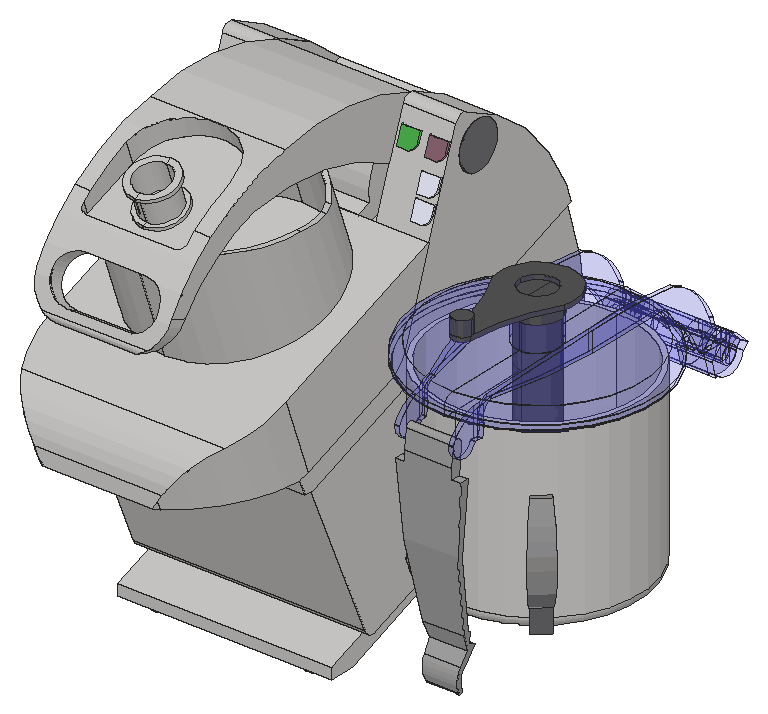
Revit family "QF_ELECTROLUXPROFESSIONAL_600486_TRK55YI", category Specialty Equipment, Revit 2018
Family settings
  Round Connector Dimension = Use Diameter
  Part Type = Normal
  Work Plane-Based = No
  Always vertical = Yes
  Cut with Voids When Loaded = No
  Shared = No
  Room Calculation Point = No
Parameters (values of type "Standard")
  Weight = 27.40 kg
  Watts = 0 W
  Volts = 200 V
  URL Manufacturer = "http://professional.electrolux.com"
  URL = "http://professional.electrolux.com"
  Steam Supply Size = 0 mm
  Steam Supply Minimum Pressure = 0.0 Pa
  Steam Supply Maximum Pressure = 0.0 Pa
  Steam Pounds per Hour = 0
  Refrigeration Suction Line Size = 0 mm
  Refrigeration Liquid Line Size = 0 mm
  Refrigerant Compressor Remote = yes
  Manufacturer = "Electrolux Professional"
  Phase = 1
  Model = "TRK55YI"
  Length Actual = 252 mm  # constant formula
  Item Number = "600486"
  Hot Water Size = 0 mm
  Height Actual = 505 mm  # constant formula
  HP = "1.7 HP"
  Gas Size = 0 mm
  Gas KW = 0
  Gas Input Pressure = 0 W
  Direct Waste Size = 0 mm
  Description = "CUTTER/SLICER 5.5L VARIAB.SPEED-1300W-200-240V/1N/50-60-CB APPROVED, SCHUKO PLUG"
  Depth Actual = 485 mm  # constant formula
  Cycle = 50 Hz
  Condensate Return Size = 0 mm
  Compressed Air Volume = 0.0 L/s
  Compressed Air Size = 0 mm
  Compressed Air Pressure = 0.0 Pa
  Cold Water Size = 0 mm
  Accessory = yes
Reference planes
  plane 1 "Center (Front/Back)": y = 0
  plane 2: z = 0
  plane 3 "Center (Left/Right)": x = 0
  plane 4 "BASE": through (-1506.947, -1354.442, -482.669) normal (0, -0.342, 0.9397)
  plane 5 "TOP": z = 725
  plane 6 "FRONT": y = -250
  plane 7 "BACK": y = 250
  plane 8 "LEFT": x = -126
  plane 9 "RIGHT": x = 126
  plane 10 "BaseSup": through (4267.2, -355.454, 143.983) normal (0, -0.342, 0.9397)
  plane 11 "TopCylinder": z = 505
  plane 12 "panel": through (4267.2, 37.396, 376.789) normal (0, -0.9397, 0.342)
  plane 13 "TAN1": through (4267.2, -242.8, 386.84) normal (0, -0.868, 0.4965)
  plane 14 "cx": x = -4.392
  plane 15: z = 490
  plane 16: z = 685
  plane 17 "EI_1": z = 320
  plane 18: z = 224
  plane 19 "SupportOblique": through (4267.2, 163.975, 96.815) normal (0, 0.809, 0.5878)
  plane 20 "CX2": x = 350
Forms (mm)
  Extrusion 1, solid, material "QF_Finishes_Stainless Steel"
    sketch origin (0, 71.755, 29.173) x (0, 0.939693, 0.34202) y (0, -0.34202, 0.939693)
      loop
        line (196.964, 40) -> (-146.726, 40) -> (-150.519, 29.578) -> (-124.204, 20) -> (196.964, 20) -> (196.964, 40)
    from -114.1 to 114.1
  Extrusion 2, solid, material "QF_Finishes_Stainless Steel"
    sketch origin (0, 71.755, 29.173) x (0, 0.939693, 0.34202) y (0, -0.34202, 0.939693)
      loop
        arc (-117.754, 231.836) -> (-115.679, 141.222) -> (-107.501, 50.953) r 1344.145
        arc (-107.501, 50.953) -> (-103.371, 43.13) -> (-95.098, 40) r 12.5
        line (-95.098, 40) -> (191.415, 40)
        arc (191.415, 40) -> (200.799, 44.052) -> (207.001, 52.177) r 20.212
        arc (207.001, 52.177) -> (236.663, 139.796) -> (245.906, 231.836) r 409.593
        line (245.906, 231.836) -> (-117.754, 231.836)
    from -123.6 to 123.2
  Extrusion 3, solid, material "QF_Finishes_Stainless Steel"
    sketch origin (0, 71.755, 29.173) x (0, 0.939693, 0.34202) y (0, -0.34202, 0.939693)
      loop
        line (-117.754, 231.836) -> (250, 231.836) -> (250, 254)
        arc (250, 254) -> (225.127, 344.7) -> (167.861, 419.303) r 244.524
        arc (167.861, 419.303) -> (160.498, 421.774) -> (153.587, 418.23) r 10
        line (153.587, 418.23) -> (25.432, 265.5)
        arc (25.432, 265.5) -> (14.376, 257.016) -> (0.77, 254) r 32.194
        line (0.77, 254) -> (-128.224, 254) -> (-128.224, 236.946) -> (-117.754, 231.836)
    from -125 to 125
  Extrusion 4, void
    sketch origin (0, 71.755, 29.173) x (0, 0.939693, 0.34202) y (0, -0.34202, 0.939693)
      loop
        line (146.605, 338.403) -> (228.145, 338.403)
        arc (228.145, 338.403) -> (202.221, 381.996) -> (167.861, 419.303) r 244.524
        arc (167.861, 419.303) -> (160.498, 421.774) -> (153.587, 418.23) r 10
        line (153.587, 418.23) -> (72.34, 321.403) -> (146.605, 321.403) -> (146.605, 338.403)
    from -76.755 to 68.071
  Extrusion 5, solid, material "QF_Finishes_Stainless Steel"
    sketch origin (0, 71.755, 29.173) x (0, 0.939693, 0.34202) y (0, -0.34202, 0.939693)
      loop
        line (86.605, 338.403) -> (69.605, 321.403) -> (146.605, 321.403) -> (146.605, 338.403) -> (138.179, 338.403) -> (138.179, 369.367)
        arc (138.179, 369.367) -> (147.784, 373.474) -> (158.149, 372.174) r 19.987
        arc (158.149, 372.174) -> (156.791, 382.001) -> (162.888, 389.826) r 12.748
        arc (162.888, 389.826) -> (123.302, 374.774) -> (101.605, 338.403) r 64.447
        line (101.605, 338.403) -> (86.605, 338.403)
    from -65 to 50
  Extrusion 6, solid, material "QF_Finishes_Stainless Steel"
    sketch origin (539, 71.755, 29.173) x (0, -0.939693, -0.34202) y (0, -0.34202, 0.939693)
      loop
        circle (-169.102, 378.696) r 12.748
    from 489 to 604
  Extrusion 7, solid, material "QF_Finishes_Rubber Black"
    sketch origin (0, 71.755, 29.173) x (0, 0.939693, 0.34202) y (0, -0.34202, 0.939693)
      loop
        circle (169.102, 378.696) r 25
    from 125 to 126.6
  Extrusion 8, solid, material "QF_Finishes_Green"
    sketch origin (-10, -113.728, -38.42) x (0, -0.34202, -0.939693) y (1, 0, 0)
      loop
        line (-529.862, 82.865) -> (-509.862, 82.865) -> (-509.862, 92.865)
        arc (-509.862, 92.865) -> (-512.791, 99.936) -> (-519.862, 102.865) r 10
        line (-519.862, 102.865) -> (-529.862, 102.865) -> (-529.862, 82.865)
    from 0 to 1.6
  Extrusion 9, solid, material "QF_Finishes_Red"
    sketch origin (20, -113.728, -38.42) x (0, -0.34202, -0.939693) y (1, 0, 0)
      loop
        line (-529.862, 82.865) -> (-509.862, 82.865) -> (-509.862, 92.865)
        arc (-509.862, 92.865) -> (-512.791, 99.936) -> (-519.862, 102.865) r 10
        line (-519.862, 102.865) -> (-529.862, 102.865) -> (-529.862, 82.865)
    from 0 to 1.6
  Extrusion 10, solid, material "QF_Finishes_Rubber Black"
    sketch origin (-20, -293.925, 99.376) x (0, -1, 0) y (1, 0, 0)
      loop
        circle (-230.144, 103.748) r 10
      loop
        circle (-230.144, -61.252) r 10
    from 9.274 to 3.787
  Extrusion 11, void
    sketch origin (-20.94, 306.731, 139.428) x (-1, 0, 0) y (0, -0.34202, 0.939693)
      loop
        circle (-20.94, 196.093) r 10
    from -1.916 to -26.433
  Extrusion 12, solid, material "QF_Finishes_Stainless Steel"
    sketch origin (-20.94, 306.678, 139.573) x (-1, 0, 0) y (0, -0.34202, 0.939693)
      loop
        circle (-20.94, 195.939) r 9.999
    from -8.514 to -26.433
  Extrusion 13, solid, material "QF_Finishes_Stainless Steel"
    sketch origin (0, -15.119, 267.855) x (0, -0.939693, -0.34202) y (1, 0, 0)
      loop
        line (-86.605, -125) -> (117.754, -125)
        arc (117.754, -125) -> (182.577, -108.838) -> (232.224, -64.135) r 138.076
        arc (232.224, -64.135) -> (246.337, -33.516) -> (250, 0) r 104.824
        arc (250, 0) -> (246.337, 33.516) -> (232.224, 64.135) r 104.824
        arc (232.224, 64.135) -> (182.577, 108.838) -> (117.754, 125) r 138.076
        line (117.754, 125) -> (-86.605, 125) -> (-86.605, -125)
    from 0 to 84.403
  Extrusion 14, void
    sketch origin (0, 71.755, 29.173) x (0, 0.939693, 0.34202) y (0, -0.34202, 0.939693)
      loop
        line (-183.149, 338.403) -> (-263.395, 338.403) -> (-263.395, 254) -> (-128.224, 254) -> (-235.716, 293.124) -> (-229.509, 307.133)
        arc (-229.509, 307.133) -> (-211.109, 329.855) -> (-183.149, 338.403) r 50
      loop
        line (86.605, 338.403) -> (25.432, 265.5)
        arc (25.432, 265.5) -> (14.376, 257.016) -> (0.77, 254) r 32.194
        line (0.77, 254) -> (86.605, 254) -> (86.605, 338.403)
    from -156.555 to 144.79
  Extrusion 15, solid, material "QF_Finishes_Rubber Black"
    sketch origin (-20, -255.757, 37.007) x (0, -0.939693, -0.34202) y (1, 0, 0)
      loop
        circle (-230.144, 103.748) r 10
      loop
        circle (-230.144, -61.252) r 10
    from -1.968 to 3.787
  Extrusion 16, solid, material "QF_Finishes_Stainless Steel"
    sketch origin (0, 0, 0) x (0, 1, 0) y (0, 0, 1)
      loop
        arc (-237.987, 360.286) -> (-193.334, 422.101) -> (-125.907, 457.716) r 167.502
        arc (-125.907, 457.716) -> (-32.614, 457.202) -> (54.785, 424.565) r 266.494
        line (54.785, 424.565) -> (73.036, 474.711)
        arc (73.036, 474.711) -> (77.269, 479.853) -> (83.792, 481.198) r 10
        arc (83.792, 481.198) -> (1.801, 503.572) -> (-83.051, 498.734) r 263.981
        arc (-83.051, 498.734) -> (-135.605, 484.534) -> (-183.511, 458.675) r 236.13
        arc (-183.511, 458.675) -> (-222.818, 420.732) -> (-248.457, 372.49) r 174.407
        arc (-248.457, 372.49) -> (-249.83, 368.135) -> (-247.05, 364.513) r 4.945
        line (-247.05, 364.513) -> (-237.987, 360.286)
    from -76.755 to 68.071
  Extrusion 17, void
    sketch origin (0, -252.846, 369.279) x (0, -0.496521, -0.868025) y (1, 0, 0)
      loop
        line (-13.723, -36.755) -> (-13.723, 28.071)
        arc (-13.723, 28.071) -> (-38.723, 53.071) -> (-63.723, 28.071) r 25
        line (-63.723, 28.071) -> (-63.723, -36.755)
        arc (-63.723, -36.755) -> (-38.723, -61.755) -> (-13.723, -36.755) r 25
    from -148.493 to 7.125
  Extrusion 18, void
    sketch origin (0, -88.076, 32.057) x (0, -0.34202, -0.939693) y (1, 0, 0)
      loop
        line (-257.162, 68.071) -> (-297.162, 68.071)
        arc (-297.162, 68.071) -> (-268.878, 56.356) -> (-257.162, 28.071) r 40
        line (-257.162, 28.071) -> (-257.162, 68.071)
      loop
        line (-257.162, -76.755) -> (-257.162, -36.755)
        arc (-257.162, -36.755) -> (-268.878, -65.039) -> (-297.162, -76.755) r 40
        line (-297.162, -76.755) -> (-257.162, -76.755)
    from 233.374 to 280.473
  Extrusion 19, void
    sketch origin (0, -73.76, 246.511) x (0, -0.939693, -0.34202) y (1, 0, 0)
      loop
        spline (50.415, 43.499) -> (50.302, 44.538) -> (50.07, 45.551) -> (49.722, 46.523) -> (49.265, 47.436) -> (48.705, 48.278) -> (48.053, 49.034) -> (47.317, 49.692) -> (46.511, 50.241) -> (45.647, 50.674) -> (44.738, 50.981) -> (43.801, 51.16) -> (42.848, 51.221)
        line (42.848, 51.221) -> (-21.826, 51.221)
        arc (-21.826, 51.221) -> (-77.476, -4.429) -> (-21.826, -60.078) r 55.65
        line (-21.826, -60.078) -> (42.849, -60.064)
        spline (42.849, -60.064) -> (43.796, -60.017) -> (44.73, -59.836) -> (45.637, -59.525) -> (46.5, -59.088) -> (47.306, -58.532) -> (48.042, -57.867) -> (48.695, -57.103) -> (49.256, -56.253) -> (49.715, -55.331) -> (50.065, -54.351) -> (50.3, -53.329) -> (50.415, -52.283)
        line (50.415, -52.283) -> (50.415, 43.499)
    from 219.928 to 259.975
  Extrusion 20, void
    sketch origin (0, -87.856, 241.381) x (0, -0.939693, -0.34202) y (1, 0, 0)
      loop
        circle (-4.976, -4.429) r 22.5
    from 184.171 to 259.975
  Extrusion 21, solid, material "QF_Finishes_Stainless Steel"
    sketch origin (0, -57.13, 252.564) x (0, -0.939693, -0.34202) y (1, 0, 0)
      loop
        circle (-27.476, -4.429) r 100
      loop
        circle (-27.476, -4.429) r 95
    from 84.403 to 219.928
  Extrusion 22, void
    sketch origin (539, 0, 0) x (0, -1, 0) y (0, 0, 1)
      loop
        line (-7.229, 448.453) -> (38.883, 431.669) -> (53.883, 431.669) -> (97.232, 435.738) -> (172.232, 435.738) -> (200.5, 434.424) -> (12.562, 502.828) -> (-7.229, 448.453)
    from 424.9 to 664
  Revolve 23, solid, material "QF_Finishes_Stainless Steel"
    sketch origin (-4.392, 0, 0) x (0, 1, 0) y (0, 0, 1)
      loop
        line (-159.523, 452.833) -> (-177.266, 446.376) -> (-188.766, 477.973) -> (-195.199, 475.631) -> (-193.959, 472.225) -> (-189.261, 473.935) -> (-179, 445.744) -> (-183.698, 444.034) -> (-182.575, 440.948) -> (-179.543, 442.052) -> (-133.191, 314.7) -> (-112.048, 322.396) -> (-159.523, 452.833)
      axis (-112.048, 322.396) -> (-171.023, 484.431)
    angle from 0 to 360
  Extrusion 24, solid, material "QF_Door-Drawer Clearances", detail levels coarse
    sketch origin (0, -262.072, 735.095) x (0, -0.581279, -0.813704) y (0, 0.813704, -0.581279)
      loop
        arc (-237.987, 360.286) -> (-193.334, 422.101) -> (-125.907, 457.716) r 167.502
        arc (-125.907, 457.716) -> (-61.925, 460.915) -> (0.971, 448.753) r 266.494
        arc (0.971, 448.753) -> (-2.208, 475.472) -> (-2.432, 502.379) r 244.524
        arc (-2.432, 502.379) -> (-31.549, 503.211) -> (-60.594, 500.999) r 278.64
        arc (-60.594, 500.999) -> (-125.023, 488.463) -> (-183.511, 458.675) r 236.13
        arc (-183.511, 458.675) -> (-222.818, 420.732) -> (-248.457, 372.49) r 174.407
        arc (-248.457, 372.49) -> (-249.83, 368.135) -> (-247.05, 364.513) r 4.945
        line (-247.05, 364.513) -> (-237.987, 360.286)
    from -76.755 to 68.071
  Extrusion 25, solid, material "QF_Door-Drawer Clearances", detail levels coarse
    sketch origin (-4.392, 0, -55) x (0, 1, 0) y (0, 0, 1)
      loop
        arc (180.062, 780.324) -> (-149.234, 694.151) -> (-249.905, 368.994) r 350.321
        line (-249.905, 368.994) -> (-246.546, 377.767)
        arc (-246.546, 377.767) -> (-144.345, 691.9) -> (174.993, 776.44) r 345.321
        line (174.993, 776.44) -> (180.062, 780.324)
    from -60 to 60
  Extrusion 26, solid, material "QF_Finishes_Rubber Black"
    sketch origin (-20, -20.834, 122.512) x (0, -0.939693, -0.34202) y (1, 0, 0)
      loop
        circle (-230.144, 103.748) r 10
      loop
        circle (-230.144, -61.252) r 10
    from -1.968 to 3.787
  Extrusion 27, void
    sketch origin (-4.392, 0, 0) x (0, 1, 0) y (0, 0, 1)
      loop
        circle (163.975, 96.815) r 5.399
    from -121.608 to 130.392
  Sweep 28, solid, material "QF_Finishes_Stainless Steel"
    path origin (0, 153.361, 111.423) x (0, -0.587785, 0.809017) y (1, 0, 0)
      loop
        line (-133.401, 56) -> (-133.401, 112.5)
        arc (-133.401, 112.5) -> (-130.472, 119.571) -> (-123.401, 122.5) r 10
        line (-123.401, 122.5) -> (-28.058, 122.5)
        arc (-28.058, 122.5) -> (-20.987, 119.571) -> (-18.058, 112.5) r 10
        line (-18.058, 112.5) -> (-18.058, -112.5)
        arc (-18.058, -112.5) -> (-20.987, -119.571) -> (-28.058, -122.5) r 10
        line (-28.058, -122.5) -> (-123.401, -122.5)
        arc (-123.401, -122.5) -> (-130.472, -119.571) -> (-133.401, -112.5) r 10
        line (-133.401, -112.5) -> (-133.401, -56)
    profile origin (84.25, 231.772, 3.5) x (0, 0.587785, -0.809017) y (0, 0.809017, 0.587785)
      loop
        circle (0, 0) r 3.5
  Extrusion 29, void
    sketch origin (-4.392, 0, 0) x (0, 1, 0) y (0, 0, 1)
      loop
        line (50.281, 42.641) -> (71.708, 50.44) -> (64.376, 57.771) -> (50.281, 52.641) -> (50.281, 42.641)
    from -119.208 to -51.608
  Extrusion 30, void
    sketch origin (4.392, 0, 0) x (0, 1, 0) y (0, 0, -1)
      loop
        line (50.281, -42.641) -> (50.281, -52.641) -> (64.376, -57.771) -> (71.708, -50.44) -> (50.281, -42.641)
    from -119.208 to -51.608
  Extrusion 31, solid, material "QF_Door-Drawer Clearances", detail levels coarse
    sketch origin (350, -160.4, -17.118) x (0, -0.34202, -0.939693) y (0, -0.939693, 0.34202)
      loop
        line (-206.754, 118.191) -> (-331.133, -223.538)
        arc (-331.133, -223.538) -> (-241.482, -246.331) -> (-149.003, -248.426) r 409.593
        arc (-149.003, -248.426) -> (-139.246, -245.378) -> (-132.229, -237.945) r 20.212
        line (-132.229, -237.945) -> (-34.236, 31.289)
        arc (-34.236, 31.289) -> (-34.347, 40.134) -> (-40.286, 46.691) r 12.5
        arc (-40.286, 46.691) -> (-122.314, 85.249) -> (-206.754, 118.191) r 1344.145
    from -123.6 to 123.2
  Extrusion 32, solid, material "QF_Door-Drawer Clearances", detail levels coarse
    sketch origin (350, -160.4, -17.118) x (0, -0.34202, -0.939693) y (0, -0.939693, 0.34202)
      loop
        line (-134.127, -243.16) -> (-115.333, -250) -> (-5.487, 51.799) -> (-5.487, 79.803) -> (-16.578, 79.803) -> (-134.127, -243.16)
    from -114.1 to 114.1
  Extrusion 33, solid, material "QF_Door-Drawer Clearances", detail levels coarse
    sketch origin (330, -388.076, 105.131) x (0, -1, 0) y (1, 0, 0)
      loop
        circle (-230.144, 103.748) r 10
      loop
        circle (-230.144, -61.252) r 10
    from -1.968 to 3.787
  Extrusion 34, solid, material "QF_Door-Drawer Clearances", detail levels coarse
    sketch origin (330, -138.076, 105.131) x (0, -1, 0) y (1, 0, 0)
      loop
        circle (-230.144, 103.748) r 10
      loop
        circle (-230.144, -61.252) r 10
    from -1.968 to 3.787
  Extrusion 35, solid, material "QF_Door-Drawer Clearances", detail levels coarse
    sketch origin (0, 250, 0) x (-1, 0, 0) y (0, 0, 1)
      loop
        circle (-350, 200) r 10
    from -89.12 to -78.665
  Extrusion 36, solid, material "QF_Finishes_White"
    sketch origin (20, -124.661, -68.457) x (0, -0.34202, -0.939693) y (1, 0, 0)
      loop
        line (-529.862, 82.865) -> (-509.862, 82.865) -> (-509.862, 92.865)
        arc (-509.862, 92.865) -> (-512.791, 99.936) -> (-519.862, 102.865) r 10
        line (-519.862, 102.865) -> (-529.862, 102.865) -> (-529.862, 82.865)
    from 0 to 1.6
  Extrusion 37, solid, material "QF_Finishes_White"
    sketch origin (20, -132.869, -91.01) x (0, -0.34202, -0.939693) y (1, 0, 0)
      loop
        line (-529.862, 82.865) -> (-509.862, 82.865) -> (-509.862, 92.865)
        arc (-509.862, 92.865) -> (-512.791, 99.936) -> (-519.862, 102.865) r 10
        line (-519.862, 102.865) -> (-529.862, 102.865) -> (-529.862, 82.865)
    from 0 to 1.6
Cuts and joins
  Extrusion 4, Extrusion 18, Extrusion 19, Extrusion 20 cuts Extrusion 3
  Extrusion 14, Extrusion 18, Extrusion 19, Extrusion 20 cuts Extrusion 13
  Extrusion 17, Extrusion 18, Extrusion 19, Extrusion 20 cuts Extrusion 16
  Extrusion 11, Extrusion 19, Extrusion 20 cuts Extrusion 2
  Extrusion 22 cuts Extrusion 21
  Extrusion 27, Extrusion 29, Extrusion 30 cuts Extrusion 1
Lines and regions (mm)
  Split face 1
    outline origin (125, 73.036, 474.711) x (-1, 0, 0) y (0, -0.34202, -0.939693)
      loop
        arc (0, 8) -> (1.464, 4.464) -> (5, 3) r 5
        line (5, 3) -> (51.929, 3)
        arc (51.929, 3) -> (55.464, 4.464) -> (56.929, 8) r 5
        line (56.929, 8) -> (56.929, 96.206)
        arc (56.929, 96.206) -> (55.464, 99.742) -> (51.929, 101.206) r 5
        line (51.929, 101.206) -> (5, 101.206)
        arc (5, 101.206) -> (1.464, 99.742) -> (0, 96.206) r 5
        line (0, 96.206) -> (0, 8)
  symbolic lines
    curve 1: line (-76.755, 170.4, 0) -> (-76.755, -235.217, 0)
    curve 2: line (68.071, -235.135, 0) -> (68.071, 170.4, 0)
    curve 3: line (-76.755, 83.792, 0) -> (68.071, 83.792, 0)
    curve 4: line (-76.755, 170.4, 0) -> (68.071, 170.4, 0)
    curve 5: line (68.071, -83.051, 0) -> (-76.755, -83.051, 0)
    curve 6: line (-60.078, -136.967, 0) -> (51.221, -136.967, 0)
    curve 7: line (-60.078, -128.47, 0) -> (-60.078, -194.06, 0)
    curve 8: line (51.221, -193.76, 0) -> (51.221, -128.47, 0)
    curve 9: spline (-52.282, -199.891, 0) -> (-53.276, -199.815, 0) -> (-54.25, -199.647, 0) -> (-55.19, -199.39, 0) -> (-56.081, -199.046, 0) -> (-56.909, -198.622, 0) -> (-57.663, -198.124, 0) -> (-58.331, -197.559, 0) -> (-58.902, -196.936, 0) -> (-59.369, -196.264, 0) -> (-59.724, -195.553, 0) -> (-59.961, -194.815, 0) -> (-60.078, -194.06, 0)
    curve 10: line (43.499, -199.901, 0) -> (-52.283, -199.901, 0)
    curve 11: spline (51.218, -193.76, 0) -> (51.156, -194.554, 0) -> (50.964, -195.333, 0) -> (50.645, -196.085, 0) -> (50.204, -196.798, 0) -> (49.648, -197.459, 0) -> (48.986, -198.058, 0) -> (48.229, -198.586, 0) -> (47.39, -199.033, 0) -> (46.483, -199.392, 0) -> (45.521, -199.658, 0) -> (44.521, -199.826, 0) -> (43.499, -199.893, 0)
    curve 12: spline (-4.392, -146.848, 0) -> (-11.05, -147.672, 0) -> (-17.255, -150.087, 0) -> (-22.583, -153.929, 0) -> (-26.672, -158.936, 0) -> (-29.242, -164.766, 0) -> (-30.119, -171.023, 0) -> (-29.242, -177.28, 0) -> (-26.672, -183.111, 0) -> (-22.583, -188.118, 0) -> (-17.255, -191.96, 0) -> (-11.05, -194.375, 0) -> (-4.392, -195.199, 0)
    curve 13: spline (-4.392, -195.199, 0) -> (2.267, -194.375, 0) -> (8.472, -191.96, 0) -> (13.8, -188.118, 0) -> (17.888, -183.111, 0) -> (20.459, -177.28, 0) -> (21.335, -171.023, 0) -> (20.459, -164.766, 0) -> (17.888, -158.936, 0) -> (13.8, -153.929, 0) -> (8.472, -150.087, 0) -> (2.267, -147.672, 0) -> (-4.392, -146.848, 0)
    curve 14: spline (-4.392, -188.766, 0) -> (-9.279, -188.162, 0) -> (-13.832, -186.389, 0) -> (-17.743, -183.569, 0) -> (-20.744, -179.895, 0) -> (-22.63, -175.616, 0) -> (-23.273, -171.023, 0) -> (-22.63, -166.431, 0) -> (-20.744, -162.152, 0) -> (-17.743, -158.477, 0) -> (-13.832, -155.658, 0) -> (-9.279, -153.885, 0) -> (-4.392, -153.281, 0)
    curve 15: spline (-4.392, -153.281, 0) -> (0.495, -153.885, 0) -> (5.049, -155.658, 0) -> (8.96, -158.477, 0) -> (11.96, -162.152, 0) -> (13.846, -166.431, 0) -> (14.49, -171.023, 0) -> (13.846, -175.616, 0) -> (11.96, -179.895, 0) -> (8.96, -183.569, 0) -> (5.049, -186.389, 0) -> (0.495, -188.162, 0) -> (-4.392, -188.766, 0)
    curve 16: spline (-22.254, -165.273, 0) -> (-20.617, -168.597, 0) -> (-18.289, -171.534, 0) -> (-15.368, -173.96, 0) -> (-11.98, -175.77, 0) -> (-8.268, -176.888, 0) -> (-4.392, -177.266, 0) -> (-0.515, -176.888, 0) -> (3.197, -175.77, 0) -> (6.585, -173.96, 0) -> (9.505, -171.534, 0) -> (11.834, -168.597, 0) -> (13.471, -165.273, 0)
    curve 17: spline (21.106, -162.743, 0) -> (21.02, -155.749, 0) -> (18.807, -149.071, 0) -> (14.651, -143.268, 0) -> (8.902, -138.825, 0) -> (2.04, -136.115, 0) -> (-5.361, -135.365, 0) -> (-12.68, -136.637, 0) -> (-19.306, -139.824, 0) -> (-24.683, -144.661, 0) -> (-28.361, -150.742, 0) -> (-30.034, -157.558, 0) -> (-29.559, -164.538, 0)
    curve 18: spline (15.591, -154.349, 0) -> (13.851, -150.277, 0) -> (11.185, -146.674, 0) -> (7.729, -143.723, 0) -> (3.657, -141.574, 0) -> (-0.824, -140.337, 0) -> (-5.485, -140.073, 0) -> (-10.091, -140.797, 0) -> (-14.408, -142.471, 0) -> (-18.216, -145.011, 0) -> (-21.322, -148.287, 0) -> (-23.569, -152.134, 0) -> (-24.843, -156.356, 0)
    curve 19: line (-36.755, -245.358, 0) -> (-36.755, -220.255, 0)
    curve 20: line (28.071, -220.255, 0) -> (28.071, -245.358, 0)
    curve 21: line (-36.755, -220.255, 0) -> (28.071, -220.255, 0)
    curve 22: line (-36.755, -231.961, 0) -> (28.071, -231.961, 0)
    curve 23: line (28.071, -245.358, 0) -> (-36.755, -245.358, 0)
    curve 24: arc (-36.755, -231.961, 0) -> (-47.346, -230.66, 0) -> (-57.309, -226.836, 0) r 43.78
    curve 25: arc (28.071, -231.961, 0) -> (38.611, -230.648, 0) -> (48.525, -226.836, 0) r 43.78
    curve 26: line (108.532, -216.09, 0) -> (68.016, -248.959, 0)
    curve 27: spline (108.532, -216.09, 0) -> (111.117, -211.341, 0) -> (113.492, -206.496, 0) -> (115.654, -201.564, 0) -> (117.598, -196.552, 0) -> (119.32, -191.469, 0) -> (120.82, -186.324, 0) -> (122.092, -181.125, 0) -> (123.137, -175.882, 0) -> (123.951, -170.603, 0) -> (124.533, -165.296, 0) -> (124.883, -159.972, 0) -> (125, -154.639, 0)
    curve 28: line (125, -154.639, 0) -> (125, 227.385, 0)
    curve 29: spline (63.971, -249.433, 0) -> (63.542, -249.481, 0) -> (63.11, -249.529, 0) -> (62.674, -249.577, 0) -> (62.235, -249.624, 0) -> (61.792, -249.672, 0) -> (61.346, -249.719, 0) -> (60.896, -249.766, 0) -> (60.442, -249.813, 0) -> (59.985, -249.86, 0) -> (59.525, -249.907, 0) -> (59.06, -249.954, 0) -> (58.593, -250, 0)
    curve 30: spline (68.016, -248.959, 0) -> (67.688, -248.999, 0) -> (67.358, -249.038, 0) -> (67.026, -249.078, 0) -> (66.693, -249.118, 0) -> (66.359, -249.157, 0) -> (66.022, -249.197, 0) -> (65.684, -249.236, 0) -> (65.345, -249.276, 0) -> (65.004, -249.315, 0) -> (64.661, -249.354, 0) -> (64.317, -249.394, 0) -> (63.971, -249.433, 0)
    curve 31: line (-68.016, -248.959, 0) -> (68.016, -248.959, 0)
    curve 32: line (-68.016, -248.959, 0) -> (-108.532, -216.09, 0)
    curve 33: spline (-63.971, -249.433, 0) -> (-64.317, -249.394, 0) -> (-64.661, -249.354, 0) -> (-65.004, -249.315, 0) -> (-65.345, -249.276, 0) -> (-65.684, -249.236, 0) -> (-66.022, -249.197, 0) -> (-66.359, -249.157, 0) -> (-66.693, -249.118, 0) -> (-67.026, -249.078, 0) -> (-67.358, -249.038, 0) -> (-67.688, -248.999, 0) -> (-68.016, -248.959, 0)
    curve 34: spline (-58.593, -250, 0) -> (-59.06, -249.954, 0) -> (-59.525, -249.907, 0) -> (-59.985, -249.86, 0) -> (-60.442, -249.813, 0) -> (-60.896, -249.766, 0) -> (-61.346, -249.719, 0) -> (-61.792, -249.672, 0) -> (-62.235, -249.624, 0) -> (-62.674, -249.577, 0) -> (-63.11, -249.529, 0) -> (-63.542, -249.481, 0) -> (-63.971, -249.433, 0)
    curve 35: line (-76.755, -235.217, 0) -> (-60.604, -248.457, 0)
    curve 36: spline (-125, -154.639, 0) -> (-124.883, -159.972, 0) -> (-124.533, -165.296, 0) -> (-123.951, -170.603, 0) -> (-123.137, -175.882, 0) -> (-122.092, -181.125, 0) -> (-120.82, -186.324, 0) -> (-119.32, -191.469, 0) -> (-117.598, -196.552, 0) -> (-115.654, -201.564, 0) -> (-113.492, -206.496, 0) -> (-111.117, -211.341, 0) -> (-108.532, -216.09, 0)
    curve 37: line (-125, 227.385, 0) -> (-125, -154.639, 0)
    curve 38: arc (-76.755, -160.023, 0) -> (-93.256, -130.498, 0) -> (-99.37, -97.232, 0) r 103.622
    curve 39: arc (-76.755, -168.026, 0) -> (-96.901, -135.101, 0) -> (-104.377, -97.232, 0) r 109.55
    curve 40: spline (-99.395, -97.232, 0) -> (-99.428, -93.546, 0) -> (-99.341, -89.86, 0) -> (-99.135, -86.178, 0) -> (-98.81, -82.506, 0) -> (-98.367, -78.845, 0) -> (-97.806, -75.201, 0) -> (-97.127, -71.576, 0) -> (-96.331, -67.976, 0) -> (-95.419, -64.402, 0) -> (-94.392, -60.86, 0) -> (-93.251, -57.352, 0) -> (-91.998, -53.883, 0)
    curve 41: arc (-91.998, -53.883, 0) -> (-88.614, -46.234, 0) -> (-84.624, -38.883, 0) r 103.541
    curve 42: spline (-84.624, -38.883, 0) -> (-84.026, -38.009, 0) -> (-83.417, -37.142, 0) -> (-82.798, -36.282, 0) -> (-82.167, -35.428, 0) -> (-81.527, -34.582, 0) -> (-80.876, -33.742, 0) -> (-80.214, -32.91, 0) -> (-79.543, -32.085, 0) -> (-78.861, -31.267, 0) -> (-78.169, -30.457, 0) -> (-77.467, -29.655, 0) -> (-76.755, -28.86, 0)
    curve 43: spline (-90.488, -38.883, 0) -> (-89.506, -37.356, 0) -> (-88.492, -35.846, 0) -> (-87.448, -34.355, 0) -> (-86.375, -32.883, 0) -> (-85.271, -31.43, 0) -> (-84.139, -29.997, 0) -> (-82.978, -28.585, 0) -> (-81.788, -27.193, 0) -> (-80.571, -25.823, 0) -> (-79.326, -24.476, 0) -> (-78.054, -23.15, 0) -> (-76.755, -21.847, 0)
    curve 44: arc (-97.398, -53.883, 0) -> (-94.227, -46.252, 0) -> (-90.488, -38.883, 0) r 109.406
    curve 45: spline (-104.397, -97.232, 0) -> (-104.428, -93.553, 0) -> (-104.346, -89.875, 0) -> (-104.151, -86.201, 0) -> (-103.844, -82.535, 0) -> (-103.425, -78.879, 0) -> (-102.894, -75.238, 0) -> (-102.252, -71.615, 0) -> (-101.499, -68.013, 0) -> (-100.637, -64.435, 0) -> (-99.665, -60.886, 0) -> (-98.585, -57.367, 0) -> (-97.398, -53.883, 0)
    curve 46: spline (-104.429, -60.179, 0) -> (-104.227, -54.213, 0) -> (-103.623, -48.272, 0) -> (-102.618, -42.379, 0) -> (-101.218, -36.558, 0) -> (-99.427, -30.832, 0) -> (-97.253, -25.224, 0) -> (-94.704, -19.758, 0) -> (-91.791, -14.454, 0) -> (-88.526, -9.335, 0) -> (-84.922, -4.421, 0) -> (-80.993, 0.268, 0) -> (-76.755, 4.714, 0)
    curve 47: line (-104.429, -60.179, 0) -> (-104.429, -91.125, 0)
    curve 48: line (-125, 37.396, 0) -> (-76.755, 37.396, 0)
    curve 49: line (-125, 227.385, 0) -> (125, 227.385, 0)
    curve 50: line (-125, 219.805, 0) -> (125, 219.805, 0)
    curve 51: line (-65, 113.885, 0) -> (50, 113.885, 0)
    curve 52: line (50, 113.885, 0) -> (50, 83.792, 0)
    curve 53: line (-65, 113.885, 0) -> (-65, 83.792, 0)
    curve 54: line (-65, 91.491, 0) -> (50, 91.491, 0)
    curve 55: line (50, 93.777, 0) -> (68.071, 93.777, 0)
    curve 56: line (-65, 93.777, 0) -> (-76.755, 93.777, 0)
    curve 57: line (72.865, 68.37, 0) -> (92.865, 68.37, 0)
    curve 58: line (72.865, 60.026, 0) -> (72.865, 68.37, 0)
    curve 59: line (82.865, 60.026, 0) -> (72.865, 60.026, 0)
    curve 60: line (92.865, 68.37, 0) -> (92.865, 63.446, 0)
    curve 61: line (-123.6, 250, 0) -> (123.2, 250, 0)
    curve 62: line (123.2, 227.385, 0) -> (123.2, 250, 0)
    curve 63: line (-123.6, 227.385, 0) -> (-123.6, 250, 0)
    curve 64: line (68.071, 37.396, 0) -> (125, 37.396, 0)
    curve 65: line (68.071, -235.135, 0) -> (51.82, -248.457, 0)
    curve 66: arc (68.071, -159.898, 0) -> (84.5, -130.423, 0) -> (90.587, -97.232, 0) r 103.622
    curve 67: arc (68.071, -167.913, 0) -> (88.145, -135.031, 0) -> (95.593, -97.232, 0) r 109.55
    curve 68: spline (90.612, -97.232, 0) -> (90.644, -93.546, 0) -> (90.558, -89.86, 0) -> (90.352, -86.178, 0) -> (90.027, -82.506, 0) -> (89.584, -78.845, 0) -> (89.022, -75.201, 0) -> (88.343, -71.576, 0) -> (87.547, -67.976, 0) -> (86.636, -64.402, 0) -> (85.609, -60.86, 0) -> (84.468, -57.352, 0) -> (83.214, -53.883, 0)
    curve 69: arc (83.214, -53.883, 0) -> (79.831, -46.234, 0) -> (75.841, -38.883, 0) r 103.541
    curve 70: spline (75.841, -38.883, 0) -> (75.25, -38.019, 0) -> (74.648, -37.162, 0) -> (74.036, -36.312, 0) -> (73.414, -35.468, 0) -> (72.781, -34.631, 0) -> (72.138, -33.801, 0) -> (71.485, -32.977, 0) -> (70.822, -32.161, 0) -> (70.149, -31.353, 0) -> (69.466, -30.551, 0) -> (68.774, -29.757, 0) -> (68.071, -28.97, 0)
    curve 71: spline (81.705, -38.883, 0) -> (80.729, -37.365, 0) -> (79.722, -35.865, 0) -> (78.685, -34.383, 0) -> (77.619, -32.92, 0) -> (76.523, -31.476, 0) -> (75.399, -30.051, 0) -> (74.246, -28.647, 0) -> (73.066, -27.263, 0) -> (71.857, -25.901, 0) -> (70.622, -24.56, 0) -> (69.36, -23.242, 0) -> (68.071, -21.946, 0)
    curve 72: arc (88.615, -53.883, 0) -> (85.443, -46.252, 0) -> (81.705, -38.883, 0) r 109.406
    curve 73: spline (95.614, -97.232, 0) -> (95.644, -93.553, 0) -> (95.562, -89.875, 0) -> (95.368, -86.201, 0) -> (95.061, -82.535, 0) -> (94.641, -78.879, 0) -> (94.111, -75.238, 0) -> (93.469, -71.615, 0) -> (92.716, -68.013, 0) -> (91.853, -64.435, 0) -> (90.882, -60.886, 0) -> (89.802, -57.367, 0) -> (88.615, -53.883, 0)
    curve 74: spline (95.645, -60.179, 0) -> (95.444, -54.225, 0) -> (94.842, -48.295, 0) -> (93.842, -42.413, 0) -> (92.446, -36.602, 0) -> (90.662, -30.886, 0) -> (88.496, -25.287, 0) -> (85.957, -19.829, 0) -> (83.055, -14.533, 0) -> (79.802, -9.421, 0) -> (76.21, -4.512, 0) -> (72.295, 0.173, 0) -> (68.071, 4.615, 0)
    curve 75: line (95.645, -60.179, 0) -> (95.645, -91.125, 0)
    curve 76: arc (82.865, 60.026, 0) -> (86.108, 60.224, 0) -> (89.302, 60.816, 0) r 26.611
    curve 77: arc (89.302, 60.816, 0) -> (91.344, 61.778, 0) -> (92.865, 63.446, 0) r 5.801
    curve 78: line (102.865, 68.37, 0) -> (122.865, 68.37, 0)
    curve 79: line (102.865, 60.026, 0) -> (102.865, 68.37, 0)
    curve 80: line (112.865, 60.026, 0) -> (102.865, 60.026, 0)
    curve 81: line (122.865, 68.37, 0) -> (122.865, 63.446, 0)
    curve 82: arc (112.865, 60.026, 0) -> (116.108, 60.224, 0) -> (119.302, 60.816, 0) r 26.611
    curve 83: arc (119.302, 60.816, 0) -> (121.344, 61.778, 0) -> (122.865, 63.446, 0) r 5.801
    curve 84: line (102.865, 57.437, 0) -> (122.865, 57.437, 0)
    curve 85: line (102.865, 49.093, 0) -> (102.865, 57.437, 0)
    curve 86: line (112.865, 49.093, 0) -> (102.865, 49.093, 0)
    curve 87: line (122.865, 57.437, 0) -> (122.865, 52.513, 0)
    curve 88: arc (112.865, 49.093, 0) -> (116.108, 49.291, 0) -> (119.302, 49.884, 0) r 26.611
    curve 89: arc (119.302, 49.884, 0) -> (121.344, 50.845, 0) -> (122.865, 52.513, 0) r 5.801
    curve 90: line (102.865, 47.725, 0) -> (122.865, 47.725, 0)
    curve 91: line (102.865, 39.381, 0) -> (102.865, 47.725, 0)
    curve 92: line (112.865, 39.381, 0) -> (102.865, 39.381, 0)
    curve 93: line (122.865, 47.725, 0) -> (122.865, 42.801, 0)
    curve 94: arc (112.865, 39.381, 0) -> (116.108, 39.579, 0) -> (119.302, 40.172, 0) r 26.611
    curve 95: arc (119.302, 40.172, 0) -> (121.344, 41.133, 0) -> (122.865, 42.801, 0) r 5.801
Dimensions and locks
  plane 5 "TOP" to level = 725 mm  (x2)
  plane 8 "LEFT" to plane 3 "Center (Left/Right)" to plane 9 "RIGHT" = 126 mm, 126 mm
  plane 7 "BACK" to plane 1 "Center (Front/Back)" to plane 6 "FRONT" = 250 mm, 250 mm
  plane 5 "TOP" to plane 2 = 725 mm
  plane 5 "TOP" to plane 11 "TopCylinder" = 220 mm
  plane 6 "FRONT" to plane 7 "BACK" = 500 mm
  plane 7 "BACK" to plane 6 "FRONT" = 500 mm
  plane 11 "TopCylinder" to level = 505 mm  (x2)
  plane 15 to level = 490 mm  (x2)
  plane 16 to level = 685 mm
  plane 17 "EI_1" to level = 320 mm
  plane 18 to level = 224 mm
  plane 16 to plane 2 = 685 mm
  plane 9 "RIGHT" to plane 8 "LEFT" = 252 mm
  aligned and locked: level to plane 2
Nested families
  nested 1: "QF_600541_BOWL" at (360, -39.665, -20.592), type "QF_600541_BOWL"
Connectors
  electrical at (0, 231.662, 320.783), driven by "Volts"
    settings: on Extrusion 12, index 1, voltage 200 V, apparent load 0 VA, apparent load phase1 0 VA, apparent load phase2 0 VA, apparent load phase3 0 VA, power factor 1, load classification "Other", number of poles 1, system type 30, power factor state 1, is connector primary yes, connector utility no, sub classification motor no, connector description "Electrical Connection"
Definition of nested family "QF_600541_BOWL"
  Reference planes
    plane 1 "Center (Front/Back)": y = 0
    plane 2: z = 0
    plane 3 "Center (Left/Right)": x = 0
    plane 4 "TOP": z = 705.4
    plane 5 "FRONT": y = -211
    plane 6 "BACK": y = 211
    plane 7 "LEFT": x = -128
    plane 8 "RIGHT": x = 128
    plane 9 "CenterX": x = -10
    plane 10 "Maniglia": through (-10, -59.177, 4000) normal (0.766, 0.6428, 0)
    plane 11 "Panel": through (4267.2, 107.252, 388.448) normal (0, 0.766, -0.6428)
    plane 12: z = 510
  Forms (mm)
    Revolve 1, solid
      sketch origin (-10, 0, 0) x (0, -1, 0) y (0, 0, 1)
        loop
          line (59.177, 490.527) -> (28.516, 490.527) -> (35.424, 483.619) -> (35.424, 470.527) -> (38.194, 470.527) -> (38.194, 356.104) -> (59.177, 356.104) -> (59.177, 490.527)
        axis (59.177, 356.104) -> (59.177, 490.527)
      angle from 0 to 360
    Extrusion 2, solid
      sketch origin (0, 0, 0) x (1, 0, 0) y (0, 1, 0)
        loop
          arc (-48.167, -71.147) -> (-28.951, -114.517) -> (-19.956, -161.093) r 210.055
          arc (-19.956, -161.093) -> (-10, -170.155) -> (-0.044, -161.093) r 10
          arc (-0.044, -161.093) -> (8.951, -114.517) -> (28.167, -71.147) r 210.055
          arc (28.167, -71.147) -> (-10, -19.177) -> (-48.167, -71.147) r 40
      from 490.527 to 495.013
    Extrusion 3, solid
      sketch origin (0, 0, 0) x (1, 0, 0) y (0, 1, 0)
        loop
          circle (-10, -160.155) r 10
      from 495.013 to 510.592
    Extrusion 4, void
      sketch origin (0, 0, 0) x (1, 0, 0) y (0, 1, 0)
        loop
          circle (-10, -59.177) r 19
      from 467.615 to 512.796
    Extrusion 5, void
      sketch origin (-20, 0, 0) x (-1, 0, 0) y (0, -1, 0)
        loop
          line (16.15, 177.864) -> (16.15, -123.86) -> (35.771, -123.86) -> (35.771, 48.192)
          arc (35.771, 48.192) -> (30.047, 105.502) -> (17.781, 161.776) r 500.876
          line (17.781, 161.776) -> (17.781, 171.776) -> (16.15, 177.864)
        loop
          line (40.771, -123.86) -> (45.852, -123.86) -> (45.852, 210.681) -> (21.15, 210.681) -> (21.15, 178.522) -> (22.781, 172.434) -> (22.781, 162.459)
          arc (22.781, 162.459) -> (35.047, 105.893) -> (40.771, 48.297) r 505.876
          line (40.771, 48.297) -> (40.771, -123.86)
      from 381.652 to 477.521
    Extrusion 6, solid
      sketch origin (-20, 0, 0) x (0, 1, 0) y (0, 0, -1)
        loop
          line (-173.064, -409.647) -> (-181.147, -409.647)
          arc (-181.147, -409.647) -> (-199.354, -399.982) -> (-210.844, -417.096) r 15.391
          arc (-210.844, -417.096) -> (-202.04, -429.372) -> (-189.058, -437.099) r 36.946
          arc (-189.058, -437.099) -> (-65.868, -463.241) -> (59.99, -458.888) r 518.061
          arc (59.99, -458.888) -> (92.246, -438.11) -> (113.023, -405.855) r 90.696
          arc (113.023, -405.855) -> (114.903, -399.662) -> (115.972, -393.28) r 50.278
          arc (115.972, -393.28) -> (121.968, -392.806) -> (127.203, -389.844) r 13.902
          arc (127.203, -389.844) -> (135.322, -382.188) -> (143.082, -374.167) r 242.898
          line (143.082, -374.167) -> (137.378, -368.464)
          arc (137.378, -368.464) -> (123.613, -353.84) -> (104.088, -358.543) r 20
          line (104.088, -358.543) -> (99.34, -358.543)
          arc (99.34, -358.543) -> (88.098, -393.587) -> (65.823, -422.884) r 108.872
          line (65.823, -422.884) -> (50.823, -422.884)
          arc (50.823, -422.884) -> (52.796, -423.701) -> (53.614, -425.674) r 2.79
          line (53.614, -425.674) -> (53.614, -430.892)
          arc (53.614, -430.892) -> (50.154, -439.244) -> (41.802, -442.703) r 11.812
          line (41.802, -442.703) -> (-160.307, -442.703)
          arc (-160.307, -442.703) -> (-168.659, -439.244) -> (-172.119, -430.892) r 11.812
          line (-172.119, -430.892) -> (-172.119, -425.826)
          arc (-172.119, -425.826) -> (-171.728, -424.361) -> (-170.659, -423.285) r 2.942
          line (-170.659, -423.285) -> (-173.064, -409.647)
        loop
          circle (117.901, -373.007) r 9.416
      from 16.15 to 45.852
    Extrusion 7, solid
      sketch origin (0, 0, 0) x (0, 1, 0) y (0, 0, 1)
        loop
          line (137.378, 368.464) -> (143.082, 374.167)
          arc (143.082, 374.167) -> (135.322, 382.188) -> (127.203, 389.844) r 242.898
          arc (127.203, 389.844) -> (116.931, 393.38) -> (107.252, 388.448) r 13.902
          line (107.252, 388.448) -> (95.766, 374.76)
          arc (95.766, 374.76) -> (97.862, 366.72) -> (99.34, 358.543) r 108.872
          line (99.34, 358.543) -> (104.088, 358.543)
          arc (104.088, 358.543) -> (123.613, 353.84) -> (137.378, 368.464) r 20
        loop
          circle (117.901, 373.007) r 9.416
      from -71.073 to 53.607
    Extrusion 8, solid
      sketch origin (0, 0, 0) x (0, 1, 0) y (0, 0, 1)
        loop
          arc (-182.273, 168.111) -> (-185.377, 178.111) -> (-182.273, 188.111) r 17.658
          line (-182.273, 188.111) -> (-169.592, 207.294) -> (-177.764, 211.104) -> (-177.764, 222.201) -> (-180.378, 224.815)
          arc (-180.378, 224.815) -> (-195.887, 307.452) -> (-195.295, 391.529) r 437.299
          line (-195.295, 391.529) -> (-193.232, 411.422)
          arc (-193.232, 411.422) -> (-197.69, 416.911) -> (-203.179, 412.454) r 5
          line (-203.179, 412.454) -> (-205.242, 392.56)
          arc (-205.242, 392.56) -> (-202.268, 306.332) -> (-185.461, 221.705) r 534.528
          line (-185.461, 221.705) -> (-177.764, 203.503) -> (-186.394, 190.943)
          arc (-186.394, 190.943) -> (-190.377, 178.111) -> (-186.394, 165.28) r 22.658
          arc (-186.394, 165.28) -> (-182.917, 164.635) -> (-182.273, 168.111) r 2.5
      from -49.646 to 27.326
    Extrusion 9, void
      sketch origin (0, -211, 0) x (-1, 0, 0) y (0, 0, 1)
        loop
          line (-15.15, 416.938) -> (-47.326, 416.938) -> (-47.326, 161.938) -> (-6.963, 161.938) -> (-24.508, 381.652) -> (-15.15, 381.652) -> (-15.15, 416.938)
        loop
          line (26.963, 161.938) -> (77.918, 161.938) -> (77.918, 416.938) -> (35.15, 416.938) -> (35.15, 381.652) -> (44.508, 381.652) -> (26.963, 161.938)
      from 46.08 to -69.339
    Extrusion 10, solid
      sketch origin (0, 0, 0) x (0, 1, 0) y (0, 0, 1)
        loop
          line (-173.064, 409.647) -> (-170.659, 423.285)
          arc (-170.659, 423.285) -> (-171.728, 424.361) -> (-172.119, 425.826) r 2.942
          line (-172.119, 425.826) -> (-172.119, 430.892)
          arc (-172.119, 430.892) -> (-168.659, 439.244) -> (-160.307, 442.703) r 11.812
          line (-160.307, 442.703) -> (41.802, 442.703)
          arc (41.802, 442.703) -> (50.154, 439.244) -> (53.614, 430.892) r 11.812
          line (53.614, 430.892) -> (53.614, 425.674)
          arc (53.614, 425.674) -> (52.796, 423.701) -> (50.823, 422.884) r 2.79
          line (50.823, 422.884) -> (65.823, 422.884)
          arc (65.823, 422.884) -> (88.098, 393.587) -> (99.34, 358.543) r 108.872
          line (99.34, 358.543) -> (104.088, 358.543)
          arc (104.088, 358.543) -> (123.613, 353.84) -> (137.378, 368.464) r 20
          line (137.378, 368.464) -> (143.082, 374.167)
          arc (143.082, 374.167) -> (135.322, 382.188) -> (127.203, 389.844) r 242.898
          arc (127.203, 389.844) -> (121.968, 392.806) -> (115.972, 393.28) r 13.902
          arc (115.972, 393.28) -> (114.903, 399.662) -> (113.023, 405.855) r 50.278
          arc (113.023, 405.855) -> (92.246, 438.11) -> (59.99, 458.888) r 90.696
          arc (59.99, 458.888) -> (-65.868, 463.241) -> (-189.058, 437.099) r 518.061
          arc (-189.058, 437.099) -> (-202.04, 429.372) -> (-210.844, 417.096) r 36.946
          arc (-210.844, 417.096) -> (-199.354, 399.982) -> (-181.147, 409.647) r 15.391
          line (-181.147, 409.647) -> (-173.064, 409.647)
        loop
          circle (117.901, 373.007) r 9.416
      from 16.15 to 45.852
    Extrusion 11, void
      sketch origin (0, 0, 0) x (1, 0, 0) y (0, 1, 0)
        loop
          line (16.15, -177.864) -> (17.781, -171.776) -> (17.781, -161.776)
          arc (17.781, -161.776) -> (30.047, -105.502) -> (35.771, -48.192) r 500.876
          line (35.771, -48.192) -> (35.771, 123.86) -> (16.15, 123.86) -> (16.15, -177.864)
        loop
          line (40.771, 123.86) -> (40.771, -48.297)
          arc (40.771, -48.297) -> (35.047, -105.893) -> (22.781, -162.459) r 505.876
          line (22.781, -162.459) -> (22.781, -172.434) -> (21.15, -178.522) -> (21.15, -210.681) -> (45.852, -210.681) -> (45.852, 123.86) -> (40.771, 123.86)
      from 381.652 to 477.521
    Revolve 12, solid
      sketch origin (-10, 0, 0) x (0, -1, 0) y (0, 0, 1)
        loop
          line (38.194, 422.884) -> (38.194, 470.527) -> (35.424, 470.527) -> (35.424, 442.703) -> (-53.802, 442.703)
          arc (-53.802, 442.703) -> (-62.213, 439.268) -> (-65.732, 430.892) r 11.871
          line (-65.732, 430.892) -> (-65.732, 425.793)
          arc (-65.732, 425.793) -> (-64.88, 423.736) -> (-62.823, 422.884) r 2.909
          line (-62.823, 422.884) -> (38.194, 422.884)
        axis (59.177, 422.884) -> (59.177, 470.527)
      angle from 0 to 360
    Revolve 13, solid
      sketch origin (-10, 0, 0) x (0, -1, 0) y (0, 0, 1)
        loop
          line (169.177, 422.884) -> (164.177, 422.884) -> (164.177, 237.884)
          arc (164.177, 237.884) -> (162.191, 233.09) -> (157.397, 231.104) r 6.78
          line (157.397, 231.104) -> (84.177, 231.104) -> (84.177, 356.104) -> (79.177, 356.104) -> (79.177, 226.104) -> (157.397, 226.104)
          arc (157.397, 226.104) -> (165.726, 229.554) -> (169.177, 237.884) r 11.78
          line (169.177, 237.884) -> (169.177, 422.884)
        axis (59.177, 422.884) -> (59.177, 226.104)
      angle from 0 to 360
    Extrusion 14, solid
      sketch origin (-49.423, -13.925, 0) x (0.634002, 0.773331, 0) y (-0.773331, 0.634002, 0)
        loop
          line (-55.497, -222.333) -> (-26.468, -227.794) -> (-20.635, -161.119)
          arc (-20.635, -161.119) -> (-28.727, -159.898) -> (-36.729, -158.185) r 133.529
          line (-36.729, -158.185) -> (-55.497, -222.333)
      from 226.104 to 356.104
    Revolve 15, void
      sketch origin (-35.007, -29.374, 0) x (-0.642788, 0.766044, 0) y (0, 0, 1)
        loop
          arc (-155.215, 337.579) -> (-171.344, 302.579) -> (-155.215, 267.579) r 46.04
          line (-155.215, 267.579) -> (-147.754, 267.579) -> (-147.754, 337.579) -> (-155.215, 337.579)
        loop
          line (-155.215, 356.104) -> (-147.754, 356.104) -> (-147.754, 361.761) -> (-215.215, 361.761) -> (-215.215, 226.104) -> (-147.754, 226.104) -> (-147.754, 256.485) -> (-163.93, 256.485)
          arc (-163.93, 256.485) -> (-184.453, 308.471) -> (-155.215, 356.104) r 62.537
        axis (10, 361.761) -> (10, 226.104)
      angle from -8.217 to 8.652
    Extrusion 16, solid
      sketch origin (0, 0, 0) x (1, 0, 0) y (0, 1, 0)
        loop
          arc (57.446, -154.071) -> (64.931, -148.135) -> (72.061, -141.775) r 165.215
          line (72.061, -141.775) -> (66.401, -136.116)
          arc (66.401, -136.116) -> (59.824, -141.977) -> (52.928, -147.46) r 157.215
          line (52.928, -147.46) -> (57.446, -154.071)
      from 226.104 to 256.485
    Revolve 17, solid, detail levels coarse
      sketch origin (-10, -235.136, 499.949) x (0, 0, 1) y (0, 1, 0)
        loop
          line (59.177, 490.527) -> (28.516, 490.527) -> (35.424, 483.619) -> (35.424, 470.527) -> (38.194, 470.527) -> (38.194, 442.703) -> (59.177, 442.703) -> (59.177, 490.527)
        axis (59.177, 442.703) -> (59.177, 490.527)
      angle from 0 to 360
    Extrusion 18, solid, detail levels coarse
      sketch origin (0, -235.136, 499.949) x (1, 0, 0) y (0, 0, -1)
        loop
          arc (-48.167, -71.147) -> (-28.951, -114.517) -> (-19.956, -161.093) r 210.055
          arc (-19.956, -161.093) -> (-10, -170.155) -> (-0.044, -161.093) r 10
          arc (-0.044, -161.093) -> (8.951, -114.517) -> (28.167, -71.147) r 210.055
          arc (28.167, -71.147) -> (-10, -19.177) -> (-48.167, -71.147) r 40
      from 490.527 to 495.013
    Extrusion 19, solid, detail levels coarse
      sketch origin (0, -235.136, 499.949) x (1, 0, 0) y (0, 0, -1)
        loop
          circle (-10, -160.155) r 10
      from 495.013 to 510.592
    Extrusion 20, void
      sketch origin (-20, -221.856, 479.359) x (-1, 0, 0) y (0, 0, 1)
        loop
          line (16.15, 177.864) -> (16.15, -123.86) -> (35.771, -123.86) -> (35.771, 48.192)
          arc (35.771, 48.192) -> (30.047, 105.502) -> (17.781, 161.776) r 500.876
          line (17.781, 161.776) -> (17.781, 171.776) -> (16.15, 177.864)
        loop
          line (40.771, -123.86) -> (45.852, -123.86) -> (45.852, 217.003) -> (21.15, 217.003) -> (21.15, 178.522) -> (22.781, 172.434) -> (22.781, 162.459)
          arc (22.781, 162.459) -> (35.047, 105.893) -> (40.771, 48.297) r 505.876
          line (40.771, 48.297) -> (40.771, -123.86)
      from 350.345 to 477.521
    Extrusion 21, solid, detail levels coarse
      sketch origin (-20, -235.136, 499.949) x (0, 0, -1) y (0, -1, 0)
        loop
          line (-173.064, -409.647) -> (-181.303, -409.647)
          arc (-181.303, -409.647) -> (-196.341, -401.818) -> (-205.451, -416.117) r 12.548
          arc (-205.451, -416.117) -> (-199.87, -428.651) -> (-189.058, -437.099) r 28.357
          arc (-189.058, -437.099) -> (-65.868, -463.241) -> (59.99, -458.888) r 518.061
          arc (59.99, -458.888) -> (92.246, -438.11) -> (113.023, -405.855) r 90.696
          arc (113.023, -405.855) -> (114.903, -399.662) -> (115.972, -393.28) r 50.278
          arc (115.972, -393.28) -> (121.968, -392.806) -> (127.203, -389.844) r 13.902
          arc (127.203, -389.844) -> (130.645, -386.684) -> (134.025, -383.459) r 242.898
          arc (134.025, -383.459) -> (118.878, -371.582) -> (104.72, -358.543) r 242.898
          line (104.72, -358.543) -> (99.34, -358.543)
          arc (99.34, -358.543) -> (88.098, -393.587) -> (65.823, -422.884) r 108.872
          line (65.823, -422.884) -> (50.823, -422.884)
          arc (50.823, -422.884) -> (52.796, -423.701) -> (53.614, -425.674) r 2.79
          line (53.614, -425.674) -> (53.614, -430.892)
          arc (53.614, -430.892) -> (50.154, -439.244) -> (41.802, -442.703) r 11.812
          line (41.802, -442.703) -> (-160.307, -442.703)
          arc (-160.307, -442.703) -> (-168.659, -439.244) -> (-172.119, -430.892) r 11.812
          line (-172.119, -430.892) -> (-172.119, -425.826)
          arc (-172.119, -425.826) -> (-171.728, -424.361) -> (-170.659, -423.285) r 2.942
          line (-170.659, -423.285) -> (-173.064, -409.647)
      from 16.15 to 45.852
    Extrusion 22, void
      sketch origin (0, -221.856, 479.359) x (1, 0, 0) y (0, 0, -1)
        loop
          line (16.15, -177.864) -> (17.781, -171.776) -> (17.781, -161.776)
          arc (17.781, -161.776) -> (30.047, -105.502) -> (35.771, -48.192) r 500.876
          line (35.771, -48.192) -> (35.771, 123.86) -> (16.15, 123.86) -> (16.15, -177.864)
        loop
          line (40.771, 123.86) -> (40.771, -48.297)
          arc (40.771, -48.297) -> (35.047, -105.893) -> (22.781, -162.459) r 505.876
          line (22.781, -162.459) -> (22.781, -172.434) -> (21.15, -178.522) -> (21.15, -217.003) -> (45.852, -217.003) -> (45.852, 123.86) -> (40.771, 123.86)
      from 350.345 to 477.521
    Extrusion 23, solid, detail levels coarse
      sketch origin (0, -235.136, 499.949) x (0, 0, -1) y (0, 1, 0)
        loop
          line (-173.064, 409.647) -> (-170.659, 423.285)
          arc (-170.659, 423.285) -> (-171.728, 424.361) -> (-172.119, 425.826) r 2.942
          line (-172.119, 425.826) -> (-172.119, 430.892)
          arc (-172.119, 430.892) -> (-168.659, 439.244) -> (-160.307, 442.703) r 11.812
          line (-160.307, 442.703) -> (41.802, 442.703)
          arc (41.802, 442.703) -> (50.154, 439.244) -> (53.614, 430.892) r 11.812
          line (53.614, 430.892) -> (53.614, 425.674)
          arc (53.614, 425.674) -> (52.796, 423.701) -> (50.823, 422.884) r 2.79
          line (50.823, 422.884) -> (65.823, 422.884)
          arc (65.823, 422.884) -> (88.098, 393.587) -> (99.34, 358.543) r 108.872
          line (99.34, 358.543) -> (104.72, 358.543)
          arc (104.72, 358.543) -> (118.878, 371.582) -> (134.025, 383.459) r 242.898
          arc (134.025, 383.459) -> (130.645, 386.684) -> (127.203, 389.844) r 242.898
          arc (127.203, 389.844) -> (121.968, 392.806) -> (115.972, 393.28) r 13.902
          arc (115.972, 393.28) -> (114.903, 399.662) -> (113.023, 405.855) r 50.278
          arc (113.023, 405.855) -> (92.246, 438.11) -> (59.99, 458.888) r 90.696
          arc (59.99, 458.888) -> (-65.868, 463.241) -> (-189.058, 437.099) r 518.061
          arc (-189.058, 437.099) -> (-199.87, 428.651) -> (-205.451, 416.117) r 28.357
          arc (-205.451, 416.117) -> (-196.341, 401.818) -> (-181.303, 409.647) r 12.548
          line (-181.303, 409.647) -> (-173.064, 409.647)
      from 16.15 to 45.852
    Revolve 24, solid, detail levels coarse
      sketch origin (-10, -235.136, 499.949) x (0, 0, 1) y (0, 1, 0)
        loop
          line (38.194, 422.884) -> (38.194, 470.527) -> (35.424, 470.527) -> (35.424, 442.703) -> (-53.802, 442.703)
          arc (-53.802, 442.703) -> (-62.213, 439.268) -> (-65.732, 430.892) r 11.871
          line (-65.732, 430.892) -> (-65.732, 425.793)
          arc (-65.732, 425.793) -> (-64.88, 423.736) -> (-62.823, 422.884) r 2.909
          line (-62.823, 422.884) -> (38.194, 422.884)
        axis (59.177, 422.884) -> (59.177, 470.527)
      angle from 0 to 360
    Extrusion 25, void
      sketch origin (0, 0, 0) x (0, 1, 0) y (0, 0, 1)
        loop
          line (-210.681, 417.459) -> (-211.654, 417.459) -> (-211.654, 411.793) -> (-210.681, 411.793) -> (-210.681, 417.459)
      from -41.15 to -65.852
    Extrusion 26, void
      sketch origin (0, 0, 0) x (0, 1, 0) y (0, 0, 1)
        loop
          line (-210.681, 417.459) -> (-211.654, 417.459) -> (-211.654, 411.793) -> (-210.681, 411.793) -> (-210.681, 417.459)
      from 21.15 to 45.852
  Cuts and joins
    Extrusion 4 cuts Extrusion 2
    Extrusion 5, Extrusion 11, Extrusion 20, Extrusion 22, Extrusion 25 cuts Extrusion 6
    Extrusion 9, Extrusion 11, Extrusion 20 cuts Extrusion 8
    Extrusion 11, Extrusion 20, Extrusion 22 cuts Extrusion 7
    Extrusion 11, Extrusion 26 cuts Extrusion 10
    Revolve 15 cuts Extrusion 14
    Extrusion 20 cuts Revolve 12
    Extrusion 20 cuts Revolve 13
    Extrusion 20, Extrusion 22 cuts Extrusion 21
    Extrusion 22 cuts Extrusion 23
  Lines and regions (mm)
    symbolic lines
      curve 1: arc (-10, -172.155, 0) -> (3.999, -171.284, 0) -> (17.781, -168.686, 0) r 112.979
      curve 2: arc (-10, -184.085, 0) -> (-23.148, -183.391, 0) -> (-36.15, -181.317, 0) r 124.909
      curve 3: line (128, -157.764, 0) -> (128, 191, 0)
      curve 4: line (124.8, 106.204, 0) -> (59.066, 106.204, 0)
      curve 5: line (102.599, 90.494, 0) -> (117.599, 90.494, 0)
      curve 6: line (117.599, 87.22, 0) -> (102.599, 87.22, 0)
      curve 7: line (102.599, 76.352, 0) -> (117.599, 76.352, 0)
      curve 8: line (117.599, 73.078, 0) -> (102.599, 73.078, 0)
      curve 9: line (102.599, 62.211, 0) -> (117.599, 62.211, 0)
      curve 10: line (117.599, 58.937, 0) -> (102.599, 58.937, 0)
      curve 11: line (102.599, 48.07, 0) -> (117.599, 48.07, 0)
      curve 12: line (102.599, 58.937, 0) -> (102.599, 48.07, 0)
      curve 13: line (117.599, 48.07, 0) -> (117.599, 58.937, 0)
      curve 14: line (117.599, 62.211, 0) -> (117.599, 73.078, 0)
      curve 15: line (102.599, 73.078, 0) -> (102.599, 62.211, 0)
      curve 16: line (102.599, 87.22, 0) -> (102.599, 76.352, 0)
      curve 17: line (117.599, 76.352, 0) -> (117.599, 87.22, 0)
      curve 18: line (117.599, 90.494, 0) -> (117.599, 101.361, 0)
      curve 19: line (102.599, 101.361, 0) -> (102.599, 90.494, 0)
      curve 20: arc (-0.044, -161.093, 0) -> (8.951, -114.517, 0) -> (28.167, -71.147, 0) r 210.055
      curve 21: arc (28.167, -71.147, 0) -> (-10, -19.177, 0) -> (-48.167, -71.147, 0) r 40
      curve 22: arc (-48.167, -71.147, 0) -> (-28.951, -114.517, 0) -> (-19.956, -161.093, 0) r 210.055
      curve 23: arc (-19.956, -161.093, 0) -> (-10, -170.155, 0) -> (-0.044, -161.093, 0) r 10
      curve 24: arc (0, -160.155, 0) -> (-10, -150.155, 0) -> (-20, -160.155, 0) r 10
      curve 25: arc (-55.771, -48.192, 0) -> (-50.047, -105.502, 0) -> (-37.781, -161.776, 0) r 500.876
      curve 26: arc (-42.781, -162.459, 0) -> (-55.047, -105.893, 0) -> (-60.771, -48.297, 0) r 505.876
      curve 27: line (-55.771, 123.86, 0) -> (-55.771, -48.192, 0)
      curve 28: line (-60.771, -48.297, 0) -> (-60.771, 123.86, 0)
      curve 29: line (40.771, 123.86, 0) -> (40.771, -48.297, 0)
      curve 30: line (35.771, -48.192, 0) -> (35.771, 123.86, 0)
      curve 31: arc (40.771, -48.297, 0) -> (35.047, -105.893, 0) -> (22.781, -162.459, 0) r 505.876
      curve 32: arc (17.781, -161.776, 0) -> (30.047, -105.502, 0) -> (35.771, -48.192, 0) r 500.876
      curve 33: line (22.781, -162.459, 0) -> (22.781, -172.434, 0)
      curve 34: line (17.781, -171.776, 0) -> (17.781, -161.776, 0)
      curve 35: line (16.15, -177.864, 0) -> (17.781, -171.776, 0)
      curve 36: line (22.781, -172.434, 0) -> (21.15, -178.522, 0)
      curve 37: line (21.15, -178.522, 0) -> (21.15, -211, 0)
      curve 38: line (-37.781, -161.776, 0) -> (-37.781, -171.776, 0)
      curve 39: line (-42.781, -172.434, 0) -> (-42.781, -162.459, 0)
      curve 40: line (-41.15, -178.522, 0) -> (-42.781, -172.434, 0)
      curve 41: line (-37.781, -171.776, 0) -> (-36.15, -177.864, 0)
      curve 42: line (-41.15, -211, 0) -> (-41.15, -178.522, 0)
      curve 43: spline (22.008, -197.61, 0) -> (21.937, -197.617, 0) -> (21.865, -197.622, 0) -> (21.794, -197.626, 0) -> (21.722, -197.627, 0) -> (21.651, -197.627, 0) -> (21.579, -197.625, 0) -> (21.508, -197.621, 0) -> (21.436, -197.615, 0) -> (21.365, -197.608, 0) -> (21.293, -197.598, 0) -> (21.222, -197.587, 0) -> (21.15, -197.574, 0)
      curve 44: line (-71.073, 171.51, 0) -> (53.607, 171.51, 0)
      curve 45: line (59.066, 46.214, 0) -> (124.8, 46.214, 0)
      curve 46: line (59.066, 106.204, 0) -> (59.066, 46.214, 0)
      curve 47: line (124.8, 46.214, 0) -> (124.8, 107.429, 0)
      curve 48: line (53.607, 48.324, 0) -> (53.607, 171.51, 0)
